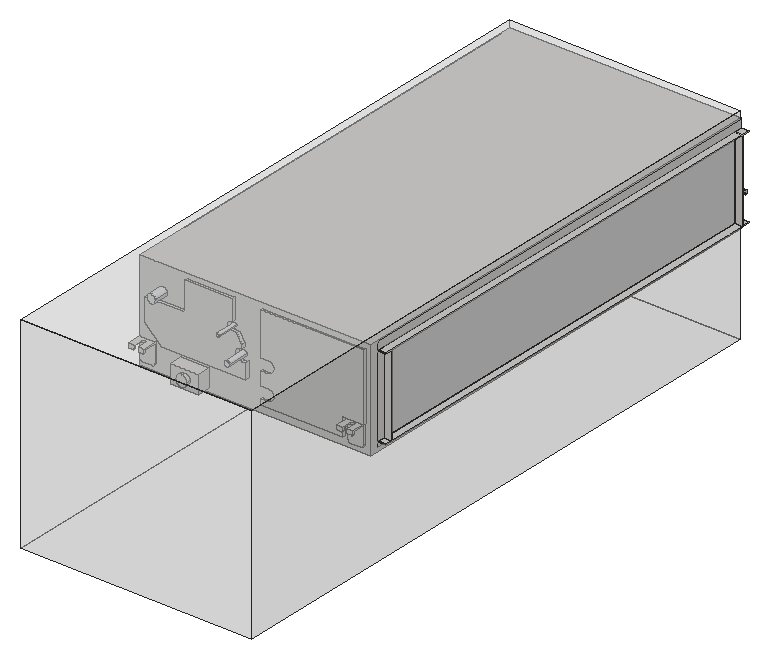
Revit family "outputfile", category 機械設備, Revit 2024
Family settings
  丸型コネクタ寸法 = 半径を使用
  パーツ タイプ = 標準
  OmniClass 番号 = 23.75.10.24.21.27.27
  OmniClass タイトル = Split System Air Conditioning Units
  作業面ベース = いいえ
  常に垂直 = はい
  ロード時にボイドで切り取り = いいえ
  注釈の向きを維持 = いいえ
  共有 = いいえ
  部屋計算ポイント = はい
Parameters (values of type "FXMQ125PAVS")
  Description = ""
  製造元 = "Daikin"
  書き出し IFC クラス(タイプ) = "IfcUnitaryEquipmentType"
  定義済み IFC タイプ(タイプ) = "AIRCONDITIONINGUNIT"
  Cost = 0
  モデル = "FXMQ125PAVS"
  Type Comments = ""
  Keynote = ""
  Type Image = (empty or 0)
  Assembly Code = ""
  r_Liquid Pipe Size = Liquid Pipe Size / 2  # 4.75 mm
  r_Gas Pipe Size = Gas Pipe Size / 2  # 7.95 mm
  r_Drain Pipe Size = Drain Pipe Size / 2  # 12.5 mm
  lw_power = 396.0 mm  # constant formula
  lh_SA = 165.0 mm  # constant formula
  lw_SA = if(Depth = 550.0 mm, 210.0 mm, if(Depth = 700.0 mm, 285.0 mm, if(Depth = 1000.0 mm, 435.0 mm, 635.0 mm)))  # 635.0 mm
  lw_RA = if(Depth = 550.0 mm, 288.0 mm, if(Depth = 700.0 mm, 363.0 mm, if(Depth = 1000.0 mm, 513.0 mm, 713.0 mm)))  # 713.0 mm
  lh_power = 60.0 mm + [h***]  # 60.0 mm
  lh_mountinghole1 = lh_mountinghole + [h***]  # 80.0 mm
  lh_RA = 150.0 mm  # constant formula
  ld_power = Depth / 2  # 700.0 mm
  Voltage_comment_50Hz = "220-240"
  Voltage_50Hz = 220 V
  URL = ""
  Supply Air Direction [instance] = yes
  Sound Power Level_H speed (dB) = 62
  Phase_50Hz = 1
  Minimum External Static Pressure = 50.00 Pa
  Minimum Circuit Amps_50Hz = 3.4 A
  Maximum Fuse Amps_50Hz = 16.0 A
  Maximum External Static Pressure = 200.00 Pa
  Material_Casing = DAIKIN_GalvanizedSteel_Casing_indoorunit
  lw_mountinghole = 631.0 mm  # constant formula
  lh_gaspipe = 144.0 mm + [h***]  # 144.0 mm
  lh_mountinghole = 80.0 mm  # constant formula
  lh_liquidpipe = 212.0 mm + [h***]  # 212.0 mm
  lh_drainpipe = 232.0 mm + [h***]  # 232.0 mm
  lh_antena = Height - lh_mountinghole + 1.0 mm  # 221.0 mm
  ld_drainpipe = Depth / 2 + 54.0 mm  # 754.0 mm
  ld_liquidpipe = 765.0 mm
  ld_gaspipe = 765.0 mm
  ld_mountinghole = Depth + 38.0 mm  # 1438.0 mm
  h*** = 0.0 mm  # constant formula
  lw_liquidpipe = 290.0 mm  # constant formula
  lw_gaspipe = 318.0 mm  # constant formula
  lw_drainpipe = 80.0 mm  # constant formula
  Width = 700.0 mm
  Version = "ver.1.0"
  Unit Type = "Middle-High Static Pressure Duct Type"
  Unit Mass Weight = 45.00 kg
  Unit Designation [instance] = ""
  Uniclass2015Version = "Products v1.30"
  Uniclass2015Title = "Variable refrigerant flow units"
  Uniclass2015Code = "Pr_70_65_03_94"
  Total Heating Capacity [instance] = 0.000 kW
  Total Cooling Capacity [instance] = 0.000 kW
  Sound Pressure Level_M speed (dBA) = 0
  Sound Pressure Level_L speed (dBA) = 40
  Sound Pressure Level_H speed (dBA) = 44
  Series = "VRV Fan Coil Unit"
  Sensible Cooling Capacity [instance] = 0.000 kW
  SA Duct Size Width = if(Depth = 550.0 mm, 310.0 mm, if(Depth = 700.0 mm, 460.0 mm, if(Depth = 1000.0 mm, 760.0 mm, 1160.0 mm)))  # 1160.0 mm
  SA Duct Size Height = 215.0 mm
  Refrigerant Type = "R410A"
  RA Duct Size Width = if(Depth = 550.0 mm, 475.0 mm, if(Depth = 700.0 mm, 625.0 mm, if(Depth = 1000.0 mm, 925.0 mm, 1325.0 mm)))  # 1325.0 mm
  RA Duct Size Height = 247.0 mm
  Power Input (Heating) = 0.449 kW
  Power Input (Cooling) = 0.461 kW
  Option Accessory 3 [instance] = ""
  Option Accessory 2 [instance] = ""
  Option Accessory 1 [instance] = ""
  Nominal Heating Capacity = 16.000 kW
  Nominal Cooling Capacity = 14.000 kW
  Minimum Airflow = 1680.00 m³/h
  Median Airflow = 1980.00 m³/h
  Maximum Airflow = 2340.00 m³/h
  Load Classification = HVAC
  Liquid Pipe Size = 9.5 mm
  Link_Nested Family [instance] = ""
  IfcVersion = "0"
  IfcExportType = "AIRCONDITIONINGUNIT"
  IfcExportAs = "IfcUnitaryEquipmentType"
  Height = 300.0 mm
  Heating Entering Wet Bulb Temperature [instance] = 0.00 °C
  Heating Entering Dry Bulb Temperature [instance] = 0.00 °C
  Heating Ambient Wet Bulb Temperature [instance] = 0.00 °C
  Heating Ambient Dry Bulb Temperature [instance] = 0.00 °C
  Heat Exchanger Type = "Cross Fin Coil"
  Gas Pipe Size = 15.9 mm
  Frequency_50Hz = 50 Hz
  Fan Type = "Sirocco Fan"
  Fan Drive = "Direct Drive"
  FCU Tag No. [instance] = ""
  Drain Pipe Size = 25.0 mm
  Design Supply Airflow [instance] = 0.00 m³/h
  Design Return Airflow [instance] = 0.00 m³/h
  Design External Static Pressure [instance] = 0.00 Pa
  Depth = 1400.0 mm
  既定の高さ = 0.0 mm
  Cooling Entering Wet Bulb Temperature [instance] = 0.00 °C
  Cooling Entering Dry Bulb Temperature [instance] = 0.00 °C
  Cooling Ambient Wet Bulb Temperature [instance] = 0.00 °C
  Cooling Ambient Dry Bulb Temperature [instance] = 0.00 °C
  Clearance visibility [instance] = yes
  Clearance Top = 20.0 mm
  Clearance Right = 0.0 mm
  Clearance Rear = 0.0 mm
  Clearance Left = 0.0 mm
  Clearance Front = 450.0 mm
  Clearance Bottom = 300.0 mm
Reference planes
  plane 1 "Center (Front/Back)": y = 0
  plane 2 "h": z = 0
  plane 3 "Center (Left/Right)": x = 0
  plane 4 "Back": y = 700
  plane 5 "Front": y = -700
  plane 6 "Left": x = -350
  plane 7 "Reight": x = 350
  plane 8 "Top": z = 0
  plane 9 "Bottom": z = -300
  plane 10: y = -215
  plane 11: y = 700
  plane 12: y = -1150
  plane 13: x = -350
  plane 14: x = 350
  plane 15: z = 20
  plane 16: z = -600
  plane 17: x = -350
  plane 18: z = -135
  plane 19: x = -349
  plane 20: x = 349
  plane 21: y = 65
  plane 22: y = 13
  plane 23: z = -150
  plane 24: y = -710.8
  plane 25: z = -14
  plane 26: z = -219
  plane 27: x = -324
  plane 28: x = -60
  plane 29: x = -20
  plane 30: z = -156
  plane 31: x = -32
  plane 32: z = -88
  plane 33: x = 23
  plane 34: x = 335
  plane 35: z = -15.8
  plane 36: z = -274.8
  plane 37: z = -219.8
  plane 38: x = 271
  plane 39: x = -223.3
  plane 40: x = -138.3
  plane 41: z = -232.7
  plane 42: z = -288.5
  plane 43: y = -741
  plane 44: x = -181
  plane 45: z = -260
  plane 46: y = -751
  plane 47: z = -163.8
  plane 48: z = -239.8
  plane 49: x = 46
  plane 50: z = -88
  plane 51: x = -60
  plane 52: y = -765
  plane 53: z = -156
  plane 54: x = -32
  plane 55: y = -754
  plane 56: z = -68
  plane 57: x = -270
  plane 58: x = -270
  plane 59: x = -60
  plane 60: x = -32
  plane 61: x = 46
  plane 62: x = -323
  plane 63: x = 308
  plane 64: y = -719
  plane 65: y = 719
  plane 66: z = -220
  plane 67: y = -706
  plane 68: x = -204
  plane 69: z = -100.2
  plane 70: x = -374
  plane 71: x = 374
Forms (mm)
  Extrusion 1, solid, material "DAIKIN_GalvanizedSteel_Casing_indoorunit" <- "Material_Casing"
    sketch origin (0, 0, 0) x (1, 0, 0) y (0, 1, 0)
      loop
        line (-349, 700) -> (-349, -700) -> (349, -700) -> (349, 700) -> (-349, 700)
    from -300 to 0
  Extrusion 2, solid, material "DAIKIN_GalvanizedSteel_Casing_indoorunit" <- "Material_Casing"
    sketch origin (0, 0, 0) x (1, 0, 0) y (0, 0, 1)
      loop
        line (-324, -100.2) -> (-324, -168) -> (-273, -219) -> (-20, -219) -> (-20, -173.5) -> (-32, -173.5)
        arc (-32, -173.5) -> (-49.5, -156) -> (-32, -138.5) r 17.5
        line (-32, -138.5) -> (-32, -127.5) -> (-47, -101) -> (-60, -101)
        arc (-60, -101) -> (-73, -88) -> (-60, -75) r 13
        line (-60, -75) -> (-60, -14) -> (-204, -14) -> (-204, -100.2) -> (-324, -100.2)
    from 700 to 710.8
  Extrusion 3, solid, material "DAIKIN_GalvanizedSteel_Casing_indoorunit" <- "Material_Casing"
    sketch origin (0, 0, 0) x (1, 0, 0) y (0, 0, 1)
      loop
        line (23, -274.8) -> (271, -274.8) -> (271, -219.8) -> (335, -219.8) -> (335, -15.8) -> (23, -15.8) -> (23, -146.3) -> (46, -146.3)
        arc (46, -146.3) -> (63.5, -163.8) -> (46, -181.3) r 17.5
        line (46, -181.3) -> (23, -181.3) -> (23, -222.3) -> (46, -222.3)
        arc (46, -222.3) -> (63.5, -239.8) -> (46, -257.3) r 17.5
        line (46, -257.3) -> (23, -257.3) -> (23, -274.8)
    from 700 to 706
  Extrusion 4, solid, material "DAIKIN_GalvanizedSteel_Casing_indoorunit" <- "Material_Casing"
    sketch origin (0, 0, 0) x (1, 0, 0) y (0, 0, 1)
      loop
        line (-223.3, -232.7) -> (-223.3, -288.5) -> (-138.3, -288.5) -> (-138.3, -232.7) -> (-223.3, -232.7)
    from 700 to 741
  Extrusion 5, solid, material "DAIKIN_GalvanizedSteel_Casing_indoorunit" <- "Material_Casing"
    sketch origin (0, 0, 0) x (1, 0, 0) y (0, 0, 1)
      loop
        circle (-181, -260) r 16.5
    from 741 to 751
  Extrusion 6, solid
    sketch origin (0, 0, 0) x (1, 0, 0) y (0, 0, 1)
      loop
        circle (-60, -88) r 4.75
    from 700 to 765
  Extrusion 7, solid
    sketch origin (0, 0, 0) x (1, 0, 0) y (0, 0, 1)
      loop
        circle (-32, -156) r 7.95
    from 700 to 765
  Extrusion 8, solid
    sketch origin (0, 0, 0) x (1, 0, 0) y (0, 0, 1)
      loop
        circle (-270, -68) r 12.5
    from 710.8 to 754
Dimensions and locks
  "Height": plane 8 "Top" to plane 9 "Bottom"
  equal spacing: plane 4 "Back", plane 1 "Center (Front/Back)", plane 5 "Front"
  "Depth": plane 4 "Back" to plane 5 "Front"
  equal spacing: plane 6 "Left", plane 3 "Center (Left/Right)", plane 7 "Reight"
  "Width": plane 6 "Left" to plane 7 "Reight"
  "Clearance Left": plane 13 to plane 6 "Left"
  "Clearance Right": plane 7 "Reight" to plane 14
  "Clearance Rear": plane 11 to plane 4 "Back"
  "Clearance Front": plane 5 "Front" to plane 12
  "Clearance Top": plane 15 to plane 8 "Top"
  "Clearance Bottom": plane 9 "Bottom" to plane 16
  "lh_SA": plane 18 to plane 9 "Bottom"
  locked: plane 17 to plane 19 at 1
  locked: plane 20 to plane 14 at 1
  "lw_SA": plane 11 to plane 21
  "lw_RA": plane 22 to plane 5 "Front"
  "lh_RA": plane 23 to plane 9 "Bottom"
  locked: plane 5 "Front" to plane 24 at 10.8
  plane 29 to plane 28 to plane 27 to plane 6 "Left" = 40.0 mm, 264.0 mm, 26.0 mm
  locked: plane 31 to plane 6 "Left" at 318
  plane 34 to plane 33 to plane 6 "Left" = 312.0 mm locked, 373.0 mm locked
  locked: plane 34 to plane 38 at 64
  locked: plane 37 to plane 36 at 55
  plane 40 to plane 39 to plane 6 "Left" = 85.0 mm locked, 126.7 mm locked
  locked: plane 5 "Front" to plane 43 at 41
  locked: plane 44 to plane 6 "Left" at 169
  locked: plane 43 to plane 46 at 10
  plane 47 to plane 48 to plane 36 = 76.0 mm locked, 35.0 mm locked
  locked: plane 49 to plane 33 at 23
  "lw_liquidpipe": plane 51 to plane 6 "Left"
  "lh_liquidpipe": plane 50 to plane 9 "Bottom"
  "lh_gaspipe": plane 53 to plane 9 "Bottom"
  "lw_gaspipe": plane 54 to plane 6 "Left"
  "ld_gaspipe": plane 52 to plane 1 "Center (Front/Back)"
  "ld_drainpipe": plane 55 to plane 1 "Center (Front/Back)"
  "lh_drainpipe": plane 56 to plane 9 "Bottom"
  "lw_drainpipe": plane 57 to plane 6 "Left"
  "lw_drainpipe": plane 6 "Left" to plane 58
  "lw_liquidpipe": plane 6 "Left" to plane 59
  "lw_gaspipe": plane 6 "Left" to plane 60
  "lw_power": plane 6 "Left" to plane 61
  plane 17 to plane 62 = 27.0 mm
  "lw_mountinghole": plane 62 to plane 63
  equal spacing: plane 64, plane 1 "Center (Front/Back)", plane 65
  "ld_mountinghole": plane 65 to plane 64
  "lh_mountinghole": plane 66 to plane 9 "Bottom"
  plane 8 "Top" to plane 41 to plane 42 = 232.7 mm locked, 55.8 mm locked
  locked: plane 8 "Top" to plane 45 at 260
  plane 8 "Top" to plane 25 to plane 26 = 14.0 mm locked, 205.0 mm locked
  plane 8 "Top" to plane 32 to plane 30 = 88.0 mm locked, 68.0 mm locked
  plane 8 "Top" to plane 35 to plane 36 = 15.8 mm locked, 259.0 mm locked
  locked: plane 5 "Front" to plane 67 at 6
  locked: plane 25 to plane 69 at 86.2
  locked: plane 27 to plane 68 at 120
  locked: plane 70 to plane 6 "Left" at 24
  locked: plane 14 to plane 71 at 24
  "r_Liquid Pipe Size": radius of Extrusion 6 sketch curve
  "r_Gas Pipe Size": radius of Extrusion 7 sketch curve
  "r_Drain Pipe Size": radius of Extrusion 8 sketch curve
  aligned and locked: level to plane 2 "h"
  aligned and locked: plane 8 "Top" to Extrusion 1
  aligned and locked: Extrusion 1 to plane 9 "Bottom"
  aligned and locked: nested 5 to plane 12
  aligned and locked: plane 13 to nested 5
  aligned and locked: plane 14 to nested 5
  aligned and locked: nested 5 to plane 13
  aligned and locked: plane 11 to nested 5
  aligned and locked: plane 15 to nested 5
  aligned and locked: plane 16 to nested 5
  aligned and locked: plane 5 "Front" to Extrusion 1 sketch curve
  aligned and locked: Extrusion 1 to plane 19
  aligned and locked: plane 20 to Extrusion 1
  aligned and locked: nested 7 to plane 19
  aligned and locked: nested 7 to plane 21
  aligned and locked: plane 18 to nested 7
  aligned and locked: plane 20 to nested 8
  aligned and locked: plane 22 to nested 8
  aligned and locked: plane 23 to nested 8
  aligned and locked: Extrusion 2 to plane 24
  aligned and locked: plane 5 "Front" to Extrusion 2
  aligned and locked: plane 36 to Extrusion 3 sketch curve
  aligned and locked: plane 38 to Extrusion 3 sketch curve
  aligned and locked: plane 37 to Extrusion 3 sketch curve
  aligned and locked: Extrusion 3 sketch curve to plane 34
  aligned and locked: Extrusion 3 sketch curve to plane 35
  aligned and locked: Extrusion 3 sketch curve to plane 33
  aligned and locked: plane 5 "Front" to Extrusion 3
  aligned and locked: Extrusion 4 sketch curve to plane 41
  aligned and locked: Extrusion 4 sketch curve to plane 39
  aligned and locked: plane 42 to Extrusion 4 sketch curve
  aligned and locked: plane 40 to Extrusion 4 sketch curve
  aligned and locked: Extrusion 4 to plane 43
  aligned and locked: plane 5 "Front" to Extrusion 4
  aligned and locked: Extrusion 5 sketch curve to plane 44
  aligned and locked: plane 45 to Extrusion 5 sketch curve
  aligned and locked: Extrusion 5 to plane 46
  aligned and locked: plane 43 to Extrusion 5
  aligned and locked: Extrusion 6 sketch curve to plane 51
  aligned and locked: plane 50 to Extrusion 6 sketch curve
  aligned and locked: Extrusion 6 to plane 52
  aligned and locked: plane 5 "Front" to Extrusion 6
  aligned and locked: Extrusion 7 sketch curve to plane 54
  aligned and locked: plane 53 to Extrusion 7 sketch curve
  aligned and locked: Extrusion 7 to Extrusion 6
  aligned and locked: plane 5 "Front" to Extrusion 7
  aligned and locked: Extrusion 8 sketch curve to plane 57
  aligned and locked: plane 56 to Extrusion 8 sketch curve
  aligned and locked: Extrusion 8 to plane 55
  aligned and locked: plane 24 to Extrusion 8
  aligned and locked: nested 3 to plane 55
  aligned and locked: nested 3 to plane 58
  aligned and locked: nested 2 to plane 59
  aligned and locked: nested 2 to plane 52
  aligned and locked: nested 1 to plane 60
  aligned and locked: Extrusion 7 to plane 52
  aligned and locked: nested 1 to plane 52
  aligned and locked: nested 6 to plane 5 "Front"
  aligned and locked: nested 6 to plane 61
  aligned and locked: plane 62 to nested 10
  aligned and locked: nested 10 to plane 5 "Front"
  aligned and locked: plane 63 to nested 9
  aligned and locked: nested 9 to plane 5 "Front"
  aligned and locked: nested 11 to plane 62
  aligned and locked: plane 4 "Back" to nested 11
  aligned and locked: nested 12 to plane 63
  aligned and locked: plane 4 "Back" to nested 12
  aligned and locked: plane 66 to nested 10
  aligned and locked: plane 66 to nested 11
  aligned and locked: plane 66 to nested 9
  aligned and locked: plane 66 to nested 12
  aligned and locked: plane 62 to nested 14
  aligned and locked: nested 14 to plane 65
  aligned and locked: plane 63 to nested 13
  aligned and locked: nested 13 to plane 65
  aligned and locked: plane 63 to nested 16
  aligned and locked: plane 64 to nested 16
  aligned and locked: plane 64 to nested 15
  aligned and locked: plane 62 to nested 15
  aligned and locked: Extrusion 3 to plane 67
  aligned and locked: Extrusion 2 sketch curve to plane 68
  aligned and locked: plane 69 to Extrusion 2 sketch curve
  aligned and locked: nested 17 to plane 21
  aligned and locked: nested 17 to plane 70
  aligned and locked: plane 18 to nested 17
  aligned and locked: plane 22 to nested 18
  aligned and locked: plane 71 to nested 18
  aligned and locked: nested 18 to plane 23
  aligned and locked: nested 4 to plane 3 "Center (Left/Right)"
  aligned and locked: plane 1 "Center (Front/Back)" to nested 4
  aligned and locked: level to plane 8 "Top"
Automatic sketch dimensions
  plane 6 "Left" to Extrusion 1 sketch curve = 1.0 mm
  Extrusion 1 sketch curve to plane 7 "Reight" = 1.0 mm
  Extrusion 1 sketch curve to plane 4 "Back" = 0.0 mm
  Extrusion 3 sketch curve to plane 33 = 0.0 mm  (x2)
  Extrusion 3 sketch curve to plane 47 = 0.0 mm
  Extrusion 3 sketch curve to plane 49 = 0.0 mm  (x4)
  Extrusion 3 sketch curve to plane 48 = 0.0 mm
  Extrusion 3 sketch curve to plane 37 = 2.5 mm
  plane 23 to Extrusion 3 sketch curve = 3.7 mm
  plane 27 to Extrusion 2 sketch curve = 0.0 mm
  Extrusion 2 sketch curve to plane 26 = 0.0 mm
  Extrusion 2 sketch curve to plane 28 = 0.0 mm
  Extrusion 2 sketch curve to plane 31 = 0.0 mm
  Extrusion 2 sketch curve to plane 29 = 0.0 mm
  Extrusion 2 sketch curve to plane 30 = 0.0 mm
  Extrusion 2 sketch curve to plane 32 = 0.0 mm
  Extrusion 2 sketch curve to plane 25 = 0.0 mm
  Extrusion 2 sketch curve to Extrusion 2 sketch curve = 13.0 mm
  Extrusion 2 sketch curve to Extrusion 2 sketch curve = 17.5 mm
  plane 18 to Extrusion 2 sketch curve = 7.5 mm
  Extrusion 2 sketch curve to plane 58 = 3.0 mm
  Extrusion 2 sketch curve to plane 30 = 12.0 mm
  Extrusion 2 sketch curve to Extrusion 2 sketch curve = 0.8 mm
  radius of Extrusion 5 sketch curve = 16.5 mm
Nested families
  nested 1: "daikin_connector_rotate2" at (-32, 0, -156), length <- "ld_gaspipe", built-in parameter 1001364 <- "lh_gaspipe", radius <- "r_Gas Pipe Size", type "daikin_connector_rotate2"
    with radius 7.95 mm, length 765.0 mm, angle_vertical 90.00°
  nested 2: "daikin_connector_rotate2" at (-60, 0, -88), length <- "ld_liquidpipe", built-in parameter 1001364 <- "lh_liquidpipe", radius <- "r_Liquid Pipe Size", type "daikin_connector_rotate2"
    with radius 4.75 mm, length 765.0 mm, angle_vertical 90.00°
  nested 3: "daikin_connector_rotate2" at (-270, 0, -68), length <- "ld_drainpipe", built-in parameter 1001364 <- "lh_drainpipe", radius <- "r_Drain Pipe Size", type "daikin_connector_rotate2"
    with radius 12.5 mm, length 754.0 mm, angle_vertical 90.00°
  nested 4: "daikin_△_symbolicline" at (0, 0, 300) x (0, -1, 0) z (0, 0, 1), built-in parameter 1001364 <- "Height", visible <- "Supply Air Direction", type "daikin_△_symbolicline"
    with length 200.0 mm
  nested 5: "daikin_clearancespace" at (0, -225, -289.881), visible <- "Clearance visibility", show <- "Clearance visibility", Link_Nested Family <- "Link_Nested Family", type "daikin_clearancespace"
    with width 700.0 mm, show yes, height 620.0 mm, depth 1850.0 mm, Link_Nested Family ""
  nested 6: "daikin_connector_rotate2" at (46, 0, -240), built-in parameter 1001364 <- "lh_power", length <- "ld_power", type "daikin_connector_rotate2"
    with radius 10.0 mm, length 700.0 mm, angle_vertical 90.00°
  nested 7: "daikin_ductflange_FXMQ-PAVS2" at (-349, 65, -135) x (0, -1, 0) z (0, 0, 1), type "daikin_ductflange_FXMQ-PAVS2"
    with width 1160.0 mm, w 1400.0 mm
  nested 8: "daikin_ductflange_FXMQ-PAVS" at (349, 13, -150) x (0, 1, 0) z (0, 0, 1), type "daikin_ductflange_FXMQ-PAVS"
    with width 1325.0 mm, w 1400.0 mm
  nested 9: "daikin_hangerfixture_FXMQ-PAVS" at (308, -700, -220), type "daikin_hangerfixture_FXMQ-PAVS"
  nested 10: "daikin_hangerfixture_FXMQ-PAVS" at (-323, -700, -220), type "daikin_hangerfixture_FXMQ-PAVS"
  nested 11: "daikin_hangerfixture_FXMQ-PAVS" at (-323, 700, -220) x (-1, 0, 0) z (0, 0, 1), type "daikin_hangerfixture_FXMQ-PAVS"
  nested 12: "daikin_hangerfixture_FXMQ-PAVS" at (308, 700, -220) x (-1, 0, 0) z (0, 0, 1), type "daikin_hangerfixture_FXMQ-PAVS"
  nested 13: "daikin_mountinghole" at (308, 719, -300), h_mountinghole <- "lh_mountinghole1", l_antenna <- "lh_antena", Link_Nested Family <- "Link_Nested Family", type "daikin_mountinghole"
    with show yes, l_antenna 221.0 mm, h_mountinghole 80.0 mm, Link_Nested Family ""
  nested 14: "daikin_mountinghole" at (-323, 719, -300), h_mountinghole <- "lh_mountinghole1", l_antenna <- "lh_antena", Link_Nested Family <- "Link_Nested Family", type "daikin_mountinghole"
    with show yes, l_antenna 221.0 mm, h_mountinghole 80.0 mm, Link_Nested Family ""
  nested 15: "daikin_mountinghole" at (-323, -719, -300), h_mountinghole <- "lh_mountinghole1", l_antenna <- "lh_antena", Link_Nested Family <- "Link_Nested Family", type "daikin_mountinghole"
    with show yes, l_antenna 221.0 mm, h_mountinghole 80.0 mm, Link_Nested Family ""
  nested 16: "daikin_mountinghole" at (308, -719, -300), h_mountinghole <- "lh_mountinghole1", l_antenna <- "lh_antena", Link_Nested Family <- "Link_Nested Family", type "daikin_mountinghole"
    with show yes, l_antenna 221.0 mm, h_mountinghole 80.0 mm, Link_Nested Family ""
  nested 17: "daikin_connector_rotate2" at (-350, 65, -135) x (0, -1, 0) z (0, 0, 1), type "daikin_connector_rotate2"
    with radius 10.0 mm, length 24.0 mm, angle_vertical 90.00°
  nested 18: "daikin_connector_rotate2" at (350, 13, -150) x (0, 1, 0) z (0, 0, 1), type "daikin_connector_rotate2"
    with radius 10.0 mm, length 24.0 mm, angle_vertical 90.00°
Connectors
  piping at (-270, -754, -68), diameter 25, driven by "r_Drain Pipe Size"
    settings: on nested 3, index 3, connector inside diameter 609.6 mm, connector length 0.0 mm, flow factor 0, pipe flow 0.00 m³/h, pressure drop 0.0 Pa, fitting loss kfactor 0, connector angle 0.00°, fixture units 0, engagement length 0.0 mm, angle of deflection 0.00°, flow configuration 1, flow direction 2, fitting loss method 4, system type 16, joint type 0, gender type 0, connector reference index -1, connector utility 0, adjustable connector no, is connector primary yes, connector description "Condensate Drain Piping"
  piping at (-32, -765, -156), diameter 15.9, driven by "r_Gas Pipe Size"
    settings: on nested 1, index 4, connector inside diameter 609.6 mm, connector length 0.0 mm, flow factor 0, pipe flow 0.00 m³/h, pressure drop 0.0 Pa, fitting loss kfactor 0, connector angle 0.00°, fixture units 0, engagement length 0.0 mm, angle of deflection 0.00°, flow configuration 1, flow direction 2, fitting loss method 0, system type 29, joint type 0, gender type 0, connector reference index -1, connector utility 0, adjustable connector no, is connector primary no, connector description "Refrigerant Gas Piping"
  piping at (-60, -765, -88), diameter 9.5, driven by "r_Liquid Pipe Size"
    settings: on nested 2, index 5, connector inside diameter 609.6 mm, connector length 0.0 mm, flow factor 0, pipe flow 0.00 m³/h, pressure drop 0.0 Pa, fitting loss kfactor 0, connector angle 0.00°, fixture units 0, engagement length 0.0 mm, angle of deflection 0.00°, flow configuration 1, flow direction 1, fitting loss method 0, system type 29, joint type 0, gender type 0, connector reference index -1, connector utility 0, adjustable connector no, is connector primary no, connector description "Refrigerant Liquid Piping"
  electrical at (46, -700, -240), driven by "Load Classification"
    settings: on nested 6, index 6, voltage 0 V, apparent load 0 VA, apparent load phase1 0 VA, apparent load phase2 0 VA, apparent load phase3 0 VA, power factor 1, load classification "HVAC", number of poles 1, system type 30, power factor state 1, is connector primary yes, connector utility no, sub classification motor no, connector description "Power Supply"
  hvac at (-374, 65, -135), driven by "SA Duct Size Height", driven by "SA Duct Size Width"
    settings: on nested 17, index 7, duct flow 0.00 m³/h, flow factor 0, pres drop 0.00 Pa, loss coef 0, conn angle 0.00°, conn width 1160.0 mm, conn height 215.0 mm, conn diameter 609.6 mm, duct sys type 1, conn prof type 1, flow config 0, flow direction 2, loss method 4, conn ref index -1, conn util no, is conn primary yes, conn desc "SA Duct"
  hvac at (374, 13, -150), driven by "RA Duct Size Height", driven by "RA Duct Size Width"
    settings: on nested 18, index 8, duct flow 0.00 m³/h, flow factor 0, pres drop 0.00 Pa, loss coef 0, conn angle 0.00°, conn width 1325.0 mm, conn height 247.0 mm, conn diameter 609.6 mm, duct sys type 2, conn prof type 1, flow config 0, flow direction 1, loss method 4, conn ref index -1, conn util no, is conn primary no, conn desc "RA Duct"
Definition of nested family "daikin_clearancespace"
  Parameters (values of type "daikin_clearancespace")
    width [instance] = 1823.963 mm
    show [instance] = yes
    material = none
    height [instance] = 1359.762 mm
    depth [instance] = 880.0 mm
    Default Elevation = 0.0 mm
    Link_Nested Family [instance] = ""
  Reference planes
    plane 1 "Center (Front/Back)": y = 0
    plane 2 "Center (Elevation)": z = -0.119
    plane 3 "Center (Left/Right)": x = 0
    plane 4: y = 440
    plane 5: y = -440
    plane 6 "Right": x = 911.982
    plane 7 "Left": x = -911.982
    plane 8 "Top": z = 679.762
    plane 9 "Bottom": z = -680
  Forms (mm)
    Extrusion 1, solid, material <- "material", visible <- "show"
      sketch origin (0, 0, 0) x (1, 0, 0) y (0, 1, 0)
        loop
          line (-911.982, 440) -> (-911.982, -440) -> (911.982, -440) -> (911.982, 440) -> (-911.982, 440)
      from -680 to 679.762
  Lines and regions (mm)
    symbolic lines, visible <- "show"
      curve 1: line (911.982, 440, 0) -> (-911.982, 440, 0)
      curve 2: line (-911.982, 440, 0) -> (-911.982, -440, 0)
      curve 3: line (-911.982, -440, 0) -> (911.982, -440, 0)
      curve 4: line (911.982, -440, 0) -> (911.982, 440, 0)
      curve 5: line (911.982, 0, 679.762) -> (-911.982, 0, 679.762)
      curve 6: line (911.982, 0, -680) -> (911.982, 0, 679.762)
      curve 7: line (-911.982, 0, -680) -> (911.982, 0, -680)
      curve 8: line (-911.982, 0, 679.762) -> (-911.982, 0, -680)
      curve 9: line (0, 440, 679.762) -> (0, -440, 679.762)
      curve 10: line (0, -440, 679.762) -> (0, -440, -680)
      curve 11: line (0, 440, -680) -> (0, 440, 679.762)
      curve 12: line (0, -440, -680) -> (0, 440, -680)
  Dimensions and locks
    "width": plane 7 "Left" to plane 6 "Right"
    "depth": plane 4 to plane 5
    "height": plane 8 "Top" to plane 9 "Bottom"
    equal spacing: plane 7 "Left", plane 3 "Center (Left/Right)", plane 6 "Right"
    equal spacing: plane 4, plane 1 "Center (Front/Back)", plane 5
    equal spacing: plane 8 "Top", plane 2 "Center (Elevation)", plane 9 "Bottom"
    aligned and locked: level to plane 2 "Center (Elevation)"
    aligned and locked: Extrusion 1 sketch curve to plane 4
    aligned and locked: plane 7 "Left" to Extrusion 1 sketch curve
    aligned and locked: Extrusion 1 sketch curve to plane 5
    aligned and locked: Extrusion 1 sketch curve to plane 6 "Right"
    aligned and locked: plane 8 "Top" to Extrusion 1
    aligned and locked: curve 1 to Extrusion 1
    aligned and locked: curve 2 to Extrusion 1
    aligned and locked: curve 3 to Extrusion 1
    aligned and locked: curve 4 to Extrusion 1
    aligned and locked: curve 5 to Extrusion 1
    aligned and locked: curve 6 to Extrusion 1
    aligned and locked: curve 7 to Extrusion 1
    aligned and locked: curve 8 to Extrusion 1
    aligned and locked: curve 9 to Extrusion 1
    aligned and locked: curve 10 to Extrusion 1
    aligned and locked: curve 11 to Extrusion 1
    aligned and locked: curve 12 to Extrusion 1
    aligned and locked: Extrusion 1 to plane 9 "Bottom"
Definition of nested family "daikin_ductflange_FXMQ-PAVS2"
  Parameters (values of type "daikin_ductflange_FXDSQ-AVM2")
    width = if(w = 550.0 mm, 310.0 mm, if(w = 700.0 mm, 460.0 mm, if(w = 1000.0 mm, 760.0 mm, 1160.0 mm)))  # 310.0 mm
    material = none
    height = 215.0 mm
    depth = 1.0 mm
    w = 550.0 mm
    Default Elevation = 0.0 mm
  Reference planes
    plane 1 "Center (Front/Back)": y = 0
    plane 2: z = 0
    plane 3 "Center (Left/Right)": x = 0
    plane 4: z = 107.5
    plane 5: z = -107.5
    plane 6: y = -25
    plane 7: z = 132.5
    plane 8: z = 108.5
    plane 9: y = -1
    plane 10: x = -177.5
    plane 11: x = 177.5
    plane 12: z = -132.5
    plane 13: z = -108.5
    plane 14: y = -1
    plane 15: x = 155
    plane 16: x = -155
    plane 17: x = 156
    plane 18: z = 106.5
    plane 19: z = -106.5
    plane 20: x = -156
    plane 21: z = 106.5
    plane 22: z = -106.5
    plane 23: y = -1
  Forms (mm)
    Extrusion 1, solid, material <- "material"
      sketch origin (0, 0, 0) x (0, 1, 0) y (0, 0, 1)
        loop
          line (-25, 107.5) -> (0, 107.5) -> (0, 132.5) -> (-1, 132.5) -> (-1, 108.5) -> (-25, 108.5) -> (-25, 107.5)
      from -177.5 to 177.5
    Extrusion 2, solid, material <- "material"
      sketch origin (0, 0, 0) x (0, 1, 0) y (0, 0, 1)
        loop
          line (-25, -107.5) -> (-25, -108.5) -> (-1, -108.5) -> (-1, -132.5) -> (0, -132.5) -> (0, -107.5) -> (-25, -107.5)
      from -177.5 to 177.5
    Extrusion 3, solid, material <- "material"
      sketch origin (0, 0, 0) x (1, 0, 0) y (0, 0, 1)
        loop
          line (155, 107.5) -> (155, -107.5) -> (177.5, -107.5) -> (177.5, -106.5) -> (156, -106.5) -> (156, 106.5) -> (177.5, 106.5) -> (177.5, 107.5) -> (155, 107.5)
      from 0 to 25
    Extrusion 4, solid, material <- "material"
      sketch origin (0, 0, 0) x (1, 0, 0) y (0, 0, 1)
        loop
          line (-177.5, 107.5) -> (-177.5, 106.5) -> (-156, 106.5) -> (-156, -106.5) -> (-177.5, -106.5) -> (-177.5, -107.5) -> (-155, -107.5) -> (-155, 107.5) -> (-177.5, 107.5)
      from 0 to 25
    Extrusion 5, solid, material <- "material"
      sketch origin (0, 0, 0) x (1, 0, 0) y (0, 0, 1)
        loop
          line (-177.5, 107.5) -> (-177.5, -107.5) -> (-155, -107.5) -> (-155, 107.5) -> (-177.5, 107.5)
        loop
          line (177.5, 107.5) -> (155, 107.5) -> (155, -107.5) -> (177.5, -107.5) -> (177.5, 107.5)
      from 0 to 1
  Cuts and joins
    joined: Extrusion 1, Extrusion 2, Extrusion 3, Extrusion 4, Extrusion 5
  Dimensions and locks
    plane 4 to level to plane 5 = 107.5 mm locked, 107.5 mm locked
    locked: plane 6 to plane 1 "Center (Front/Back)" at 25
    locked: plane 9 to plane 1 "Center (Front/Back)" at 1
    locked: plane 8 to plane 4 at 1
    locked: plane 11 to plane 15 at 22.5
    locked: plane 16 to plane 10 at 22.5
    locked: plane 17 to plane 15 at 1
    locked: plane 4 to plane 18 at 1
    locked: plane 19 to plane 5 at 1
    "width": plane 15 to plane 16
    plane 4 to plane 5 = 215.0 mm
    equal spacing: plane 15, plane 3 "Center (Left/Right)", plane 16
    locked: plane 16 to plane 20 at 1
    locked: plane 4 to plane 21 at 1
    locked: plane 22 to plane 5 at 1
    locked: plane 23 to plane 1 "Center (Front/Back)" at 1
    aligned and locked: level to plane 2
    aligned and locked: Extrusion 1 to plane 10
    aligned and locked: plane 11 to Extrusion 1
    aligned and locked: plane 5 to Extrusion 2
    aligned and locked: Extrusion 2 to plane 1 "Center (Front/Back)"
    aligned and locked: plane 15 to Extrusion 3 sketch curve
    aligned and locked: Extrusion 3 sketch curve to Extrusion 2  (x2)
    aligned and locked: Extrusion 3 sketch curve to plane 11
    aligned and locked: plane 6 to Extrusion 3
    aligned and locked: Extrusion 2 to plane 10
    aligned and locked: plane 11 to Extrusion 2
    aligned and locked: Extrusion 4 sketch curve to Extrusion 1  (x2)
    aligned and locked: plane 5 to Extrusion 4 sketch curve
    aligned and locked: Extrusion 4 sketch curve to plane 16
    aligned and locked: Extrusion 4 sketch curve to plane 22
    aligned and locked: plane 20 to Extrusion 4 sketch curve
    aligned and locked: plane 21 to Extrusion 4 sketch curve
    aligned and locked: Extrusion 4 to plane 1 "Center (Front/Back)"
    aligned and locked: plane 6 to Extrusion 4
    aligned and locked: Extrusion 5 sketch curve to Extrusion 1  (x4)
    aligned and locked: Extrusion 5 sketch curve to Extrusion 4  (x2)
    aligned and locked: Extrusion 5 sketch curve to Extrusion 3  (x2)
    aligned and locked: Extrusion 5 to plane 1 "Center (Front/Back)"
    aligned and locked: plane 23 to Extrusion 5
  Automatic sketch dimensions
    Extrusion 1 sketch curve to plane 6 = 0.0 mm
    Extrusion 1 sketch curve to plane 7 = 0.0 mm
    Extrusion 1 sketch curve to plane 9 = 0.0 mm
    Extrusion 1 sketch curve to plane 1 "Center (Front/Back)" = 0.0 mm
    Extrusion 1 sketch curve to plane 4 = 0.0 mm
    Extrusion 1 sketch curve to plane 8 = 0.0 mm
    Extrusion 2 sketch curve to plane 6 = 0.0 mm
    plane 12 to Extrusion 2 sketch curve = 0.0 mm
    Extrusion 2 sketch curve to plane 14 = 0.0 mm
    Extrusion 2 sketch curve to plane 1 "Center (Front/Back)" = 0.0 mm
    plane 13 to Extrusion 2 sketch curve = 0.0 mm
    Extrusion 2 sketch curve to plane 5 = 0.0 mm
    Extrusion 3 sketch curve to plane 17 = 0.0 mm
    Extrusion 3 sketch curve to plane 19 = 0.0 mm
    Extrusion 3 sketch curve to plane 18 = 0.0 mm
    Extrusion 3 sketch curve to plane 4 = 0.0 mm
    Extrusion 4 sketch curve to plane 10 = 0.0 mm
Definition of nested family "daikin_ductflange_FXMQ-PAVS"
  Parameters (values of type "daikin_ductflange_FXDSQ-AVM")
    width = if(w = 550.0 mm, 475.0 mm, if(w = 700.0 mm, 625.0 mm, if(w = 1000.0 mm, 925.0 mm, 1325.0 mm)))  # 475.0 mm
    material = none
    height = 247.0 mm
    depth = 1.0 mm
    w = 550.0 mm
    Default Elevation = 0.0 mm
  Reference planes
    plane 1 "Center (Front/Back)": y = 0
    plane 2: z = 0
    plane 3 "Center (Left/Right)": x = 0
    plane 4: z = 123.5
    plane 5: z = -123.5
    plane 6: y = -25
    plane 7: z = 146.5
    plane 8: z = 124.5
    plane 9: y = -1
    plane 10: x = -260
    plane 11: x = 260
    plane 12: z = -137
    plane 13: z = -124.5
    plane 14: y = -1
    plane 15: x = 237.5
    plane 16: x = -237.5
    plane 17: x = 238.5
    plane 18: z = 122.5
    plane 19: z = -122.5
    plane 20: x = -238.5
    plane 21: z = 122.5
    plane 22: z = -122.5
    plane 23: y = -1
  Forms (mm)
    Extrusion 1, solid, material <- "material"
      sketch origin (0, 0, 0) x (0, 1, 0) y (0, 0, 1)
        loop
          line (-25, 123.5) -> (0, 123.5) -> (0, 146.5) -> (-1, 146.5) -> (-1, 124.5) -> (-25, 124.5) -> (-25, 123.5)
      from -260 to 260
    Extrusion 2, solid, material <- "material"
      sketch origin (0, 0, 0) x (0, 1, 0) y (0, 0, 1)
        loop
          line (-25, -123.5) -> (-25, -124.5) -> (-1, -124.5) -> (-1, -137) -> (0, -137) -> (0, -123.5) -> (-25, -123.5)
      from -260 to 260
    Extrusion 3, solid, material <- "material"
      sketch origin (0, 0, 0) x (1, 0, 0) y (0, 0, 1)
        loop
          line (237.5, 123.5) -> (237.5, -123.5) -> (260, -123.5) -> (260, -122.5) -> (238.5, -122.5) -> (238.5, 122.5) -> (260, 122.5) -> (260, 123.5) -> (237.5, 123.5)
      from 0 to 25
    Extrusion 4, solid, material <- "material"
      sketch origin (0, 0, 0) x (1, 0, 0) y (0, 0, 1)
        loop
          line (-260, 123.5) -> (-260, 122.5) -> (-238.5, 122.5) -> (-238.5, -122.5) -> (-260, -122.5) -> (-260, -123.5) -> (-237.5, -123.5) -> (-237.5, 123.5) -> (-260, 123.5)
      from 0 to 25
    Extrusion 5, solid, material <- "material"
      sketch origin (0, 0, 0) x (1, 0, 0) y (0, 0, 1)
        loop
          line (-260, 123.5) -> (-260, -123.5) -> (-237.5, -123.5) -> (-237.5, 123.5) -> (-260, 123.5)
        loop
          line (260, 123.5) -> (237.5, 123.5) -> (237.5, -123.5) -> (260, -123.5) -> (260, 123.5)
      from 0 to 1
  Cuts and joins
    joined: Extrusion 1, Extrusion 2, Extrusion 3, Extrusion 4, Extrusion 5
  Dimensions and locks
    plane 4 to level to plane 5 = 123.5 mm, 123.5 mm
    locked: plane 6 to plane 1 "Center (Front/Back)" at 25
    locked: plane 9 to plane 1 "Center (Front/Back)" at 1
    locked: plane 8 to plane 4 at 1
    locked: plane 11 to plane 15 at 22.5
    locked: plane 16 to plane 10 at 22.5
    locked: plane 17 to plane 15 at 1
    locked: plane 4 to plane 18 at 1
    locked: plane 19 to plane 5 at 1
    "width": plane 15 to plane 16
    equal spacing: plane 15, plane 3 "Center (Left/Right)", plane 16
    locked: plane 16 to plane 20 at 1
    locked: plane 4 to plane 21 at 1
    locked: plane 22 to plane 5 at 1
    locked: plane 23 to plane 1 "Center (Front/Back)" at 1
    equal spacing: plane 4, level, plane 5
    locked: plane 7 to plane 4 at 23
    locked: plane 5 to plane 12 at 13.5
    locked: plane 1 "Center (Front/Back)" to plane 14 at 1
    locked: plane 5 to plane 13 at 1
    locked: plane 4 to plane 5 at 247
    aligned and locked: level to plane 2
    aligned and locked: Extrusion 1 to plane 10
    aligned and locked: plane 11 to Extrusion 1
    aligned and locked: plane 5 to Extrusion 2
    aligned and locked: Extrusion 2 to plane 1 "Center (Front/Back)"
    aligned and locked: plane 15 to Extrusion 3 sketch curve
    aligned and locked: Extrusion 3 sketch curve to Extrusion 2  (x2)
    aligned and locked: Extrusion 3 sketch curve to plane 11
    aligned and locked: plane 6 to Extrusion 3
    aligned and locked: Extrusion 2 to plane 10
    aligned and locked: plane 11 to Extrusion 2
    aligned and locked: Extrusion 4 sketch curve to Extrusion 1  (x2)
    aligned and locked: plane 5 to Extrusion 4 sketch curve
    aligned and locked: Extrusion 4 sketch curve to plane 16
    aligned and locked: Extrusion 4 sketch curve to plane 22
    aligned and locked: plane 20 to Extrusion 4 sketch curve
    aligned and locked: plane 21 to Extrusion 4 sketch curve
    aligned and locked: Extrusion 4 to plane 1 "Center (Front/Back)"
    aligned and locked: plane 6 to Extrusion 4
    aligned and locked: Extrusion 5 sketch curve to Extrusion 1  (x4)
    aligned and locked: Extrusion 5 sketch curve to Extrusion 4  (x2)
    aligned and locked: Extrusion 5 sketch curve to Extrusion 3  (x2)
    aligned and locked: Extrusion 5 to plane 1 "Center (Front/Back)"
    aligned and locked: plane 23 to Extrusion 5
  Automatic sketch dimensions
    Extrusion 1 sketch curve to plane 6 = 0.0 mm
    Extrusion 1 sketch curve to plane 7 = 0.0 mm
    Extrusion 1 sketch curve to plane 9 = 0.0 mm
    Extrusion 1 sketch curve to plane 1 "Center (Front/Back)" = 0.0 mm
    Extrusion 1 sketch curve to plane 4 = 0.0 mm
    Extrusion 1 sketch curve to plane 8 = 0.0 mm
    Extrusion 2 sketch curve to plane 6 = 0.0 mm
    plane 12 to Extrusion 2 sketch curve = 0.0 mm
    Extrusion 2 sketch curve to plane 14 = 0.0 mm
    Extrusion 2 sketch curve to plane 1 "Center (Front/Back)" = 0.0 mm
    plane 13 to Extrusion 2 sketch curve = 0.0 mm
    Extrusion 2 sketch curve to plane 5 = 0.0 mm
    Extrusion 3 sketch curve to plane 17 = 0.0 mm
    Extrusion 3 sketch curve to plane 19 = 0.0 mm
    Extrusion 3 sketch curve to plane 18 = 0.0 mm
    Extrusion 3 sketch curve to plane 4 = 0.0 mm
    Extrusion 4 sketch curve to plane 10 = 0.0 mm
Definition of nested family "daikin_hangerfixture_FXMQ-PAVS"
  Parameters (values of type "daikin_hangerfixture_FXMQ-PAVE")
    width = 48.0 mm
    material = none
    height = 65.0 mm
    depth = 45.0 mm
    Default Elevation = 0.0 mm
  Reference planes
    plane 1 "Center (Front/Back)": y = 0
    plane 2: z = 0
    plane 3 "Center (Left/Right)": x = 0
    plane 4: y = 417.146
    plane 5: y = -45
    plane 6: x = -24
    plane 7: x = 24
    plane 8: z = -2.3
    plane 9: z = -65
    plane 10: y = -2.3
    plane 11: z = -12
    plane 12: y = -42.7
  Forms (mm)
    Extrusion 1, solid, material <- "material"
      sketch origin (0, 0, 0) x (1, 0, 0) y (0, 1, 0)
        loop
          line (24, 0) -> (-24, 0) -> (-24, -45) -> (-6, -45) -> (-6, -19)
          arc (-6, -19) -> (0, -13) -> (6, -19) r 6
          line (6, -19) -> (6, -45) -> (24, -45) -> (24, 0)
      from 0 to -2.3
    Extrusion 2, solid, material <- "material"
      sketch origin (0, 0, 0) x (1, 0, 0) y (0, 0, 1)
        loop
          line (24, -55) -> (24, 0) -> (-24, 0) -> (-24, -55)
          arc (-24, -55) -> (-21.071, -62.071) -> (-14, -65) r 10
          line (-14, -65) -> (14, -65)
          arc (14, -65) -> (21.071, -62.071) -> (24, -55) r 10
      from 0 to 2.3
    Extrusion 3, solid, material <- "material"
      sketch origin (0, 0, 0) x (1, 0, 0) y (0, 0, 1)
        loop
          line (-6, -9) -> (-6, 0) -> (-24, 0) -> (-24, -9)
          arc (-24, -9) -> (-23.121, -11.121) -> (-21, -12) r 3
          line (-21, -12) -> (-9, -12)
          arc (-9, -12) -> (-6.879, -11.121) -> (-6, -9) r 3
        loop
          line (6, 0) -> (6, -9)
          arc (6, -9) -> (6.879, -11.121) -> (9, -12) r 3
          line (9, -12) -> (21, -12)
          arc (21, -12) -> (23.121, -11.121) -> (24, -9) r 3
          line (24, -9) -> (24, 0) -> (6, 0)
      from 42.7 to 45
  Cuts and joins
    joined: Extrusion 1, Extrusion 2, Extrusion 3
  Dimensions and locks
    "width": plane 6 to plane 7
    "depth": plane 5 to plane 1 "Center (Front/Back)"
    plane 2 to plane 8 = 2.3 mm
    "height": plane 2 to plane 9
    locked: plane 10 to plane 1 "Center (Front/Back)" at 2.3
    locked: plane 2 to plane 11 at 12
    locked: plane 12 to plane 5 at 2.3
    aligned and locked: level to plane 2
    aligned and locked: Extrusion 1 sketch curve to plane 1 "Center (Front/Back)"
    aligned and locked: plane 7 to Extrusion 1
    aligned and locked: Extrusion 1 to plane 6
    aligned and locked: Extrusion 1 to plane 5  (x2)
    aligned and locked: Extrusion 1 to plane 8
    aligned and locked: plane 2 to Extrusion 1
    aligned and locked: plane 2 to Extrusion 2 sketch curve
    aligned and locked: Extrusion 2 to plane 9
    aligned and locked: Extrusion 2 to plane 10
    aligned and locked: Extrusion 2 to plane 1 "Center (Front/Back)"
    aligned and locked: plane 2 to Extrusion 3 sketch curve  (x2)
    aligned and locked: Extrusion 3 to plane 11  (x2)
    aligned and locked: plane 12 to Extrusion 3
    aligned and locked: Extrusion 3 to plane 5
  Automatic sketch dimensions
    Extrusion 1 sketch curve to plane 6 = 0.0 mm
    Extrusion 1 sketch curve to plane 5 = 0.0 mm  (x2)
    Extrusion 1 sketch curve to plane 3 "Center (Left/Right)" = 0.0 mm
    Extrusion 1 sketch curve to plane 7 = 0.0 mm
    Extrusion 1 sketch curve to plane 3 "Center (Left/Right)" = 6.0 mm
    plane 1 "Center (Front/Back)" to Extrusion 1 sketch curve = 19.0 mm
    Extrusion 2 sketch curve to plane 7 = 0.0 mm
    Extrusion 2 sketch curve to plane 7 = 10.0 mm
    Extrusion 2 sketch curve to plane 8 = 52.7 mm
    plane 6 to Extrusion 2 sketch curve = 10.0 mm
    Extrusion 2 sketch curve to plane 6 = 0.0 mm
    Extrusion 3 sketch curve to plane 6 = 0.0 mm
    Extrusion 3 sketch curve to plane 7 = 0.0 mm
    Extrusion 3 sketch curve to Extrusion 3 sketch curve = 3.0 mm  (x2)
    Extrusion 3 sketch curve to plane 8 = 6.7 mm
    Extrusion 3 sketch curve to plane 3 "Center (Left/Right)" = 9.0 mm
    Extrusion 3 sketch curve to plane 3 "Center (Left/Right)" = 6.0 mm
    plane 3 "Center (Left/Right)" to Extrusion 3 sketch curve = 6.0 mm
    Extrusion 3 sketch curve to plane 7 = 3.0 mm
    Extrusion 3 sketch curve to plane 8 = 9.7 mm
Definition of nested family "daikin_connector_rotate2"
  Parameters (values of type "daikin_connector_rotate2")
    Default Elevation = 1219.2 mm
    show_face = no
    radius [instance] = 10.0 mm
    length [instance] = 600.0 mm
    d_surface = 10.0 mm
    angle_vertical [instance] = 90.00°
  Reference planes
    plane 1 "Center (Front/Back)": y = 0
    plane 2: z = 0
    plane 3 "Center (Left/Right)": x = 0
  Forms (mm)
    Extrusion 1, solid, visible <- "show_face"
      sketch origin (0, -600, 0) x (1, 0, 0) y (0, 0, 1)
        loop
          circle (0, 0) r 10
      from 0 to -10
  Lines and regions (mm)
    reference lines
      curve 1: line (0, 0, 0) -> (0, -600, 0)
    symbolic lines
      curve 2: circle (0, 0, 0) r 5 normal (0, 0, 1)
    model lines, visible <- "show_face"
      curve 3: line (0, 0, 0) -> (0, -600, 0)
  Dimensions and locks
    "length": curve 1 to curve 1
    "length": curve 3 to curve 3
    "d_surface": Extrusion 1 to Extrusion 1
    "radius": radius of Extrusion 1 sketch curve
    "angle_vertical": angle curve 1 to plane 1 "Center (Front/Back)"
    "angle_vertical": angle curve 3 to plane 1 "Center (Front/Back)"
    aligned and locked: level to plane 2
    aligned and locked: plane 1 "Center (Front/Back)" to curve 1
    aligned and locked: plane 2 to curve 1
    aligned and locked: plane 1 "Center (Front/Back)" to curve 2
    aligned and locked: plane 3 "Center (Left/Right)" to curve 2
    aligned and locked: plane 1 "Center (Front/Back)" to curve 3
    aligned and locked: plane 2 to curve 3
    aligned and locked: Extrusion 1 to Extrusion 1
  Automatic sketch dimensions
    Extrusion 1 sketch curve to level = 0.0 mm
    Extrusion 1 sketch curve to plane 3 "Center (Left/Right)" = 0.0 mm
    radius of curve 2 = 5.0 mm
Definition of nested family "daikin_△_symbolicline"
  Parameters (values of type "daikin_△_symbolicline")
    length [instance] = 200.0 mm
    Default Elevation = 0.0 mm
  Reference planes
    plane 1 "Center (Front/Back)": y = 0
    plane 2: z = 0
    plane 3 "Center (Left/Right)": x = 0
  Lines and regions (mm)
    symbolic lines
      curve 1: line (0, -173.205, 0) -> (100, 0, 0)
      curve 2: line (100, 0, 0) -> (-100, 0, 0)
      curve 3: line (-100, 0, 0) -> (0, -173.205, 0)
  Dimensions and locks
    equal spacing: curve 3, plane 3 "Center (Left/Right)", curve 2
    "length": curve 3 to curve 2
    "length": curve 3 to curve 3
    "length": curve 1 to curve 1
    aligned and locked: level to plane 2
    aligned and locked: curve 2 to plane 1 "Center (Front/Back)"
    aligned and locked: plane 3 "Center (Left/Right)" to curve 3
Definition of nested family "daikin_mountinghole"
  Parameters (values of type "daikin_mountinghole")
    Default Elevation = 1219.2 mm
    Type Comments = "mountinghole"
    show [instance] = yes
    material = none
    l_centerline = 100.0 mm
    l_antenna [instance] = 100.0 mm
    h_mountinghole [instance] = 0.0 mm
    d_circle = 30.0 mm
    Link_Nested Family [instance] = ""
  Reference planes
    plane 1 "Center (Front/Back)": y = 0
    plane 2: z = 0
    plane 3 "Center (Left/Right)": x = 0
    plane 4: y = 50
    plane 5: x = -50
    plane 6: x = 50
    plane 7: y = -50
    plane 8 "h_mountinghole": z = 0
    plane 9: z = 100
  Lines and regions (mm)
    model lines, detail levels fine
      curve 1: circle (0, 0, 0) r 15 normal (0, 0, 1)
      curve 2: line (-50, 0, 0) -> (50, 0, 0)
      curve 3: line (0, 50, 0) -> (0, -50, 0)
    symbolic lines, detail levels fine
      curve 4: circle (0, 0, 0) r 15 normal (0, 0, 1)
      curve 5: line (-50, 0, 0) -> (50, 0, 0)
      curve 6: line (0, 50, 0) -> (0, -50, 0)
    model lines
      curve 7: line (0, 0, 100) -> (0, 0, 0)
  Dimensions and locks
    equal spacing: plane 4, plane 1 "Center (Front/Back)", plane 7
    "l_centerline": plane 4 to plane 7
    equal spacing: plane 5, plane 3 "Center (Left/Right)", plane 6
    "l_centerline": plane 5 to plane 6
    "l_antenna": plane 9 to plane 8 "h_mountinghole"
    "h_mountinghole": plane 8 "h_mountinghole" to plane 2
    "d_circle": diameter of curve 1
    "d_circle": diameter of curve 4
    aligned and locked: level to plane 2
    aligned and locked: plane 1 "Center (Front/Back)" to curve 1
    aligned and locked: plane 3 "Center (Left/Right)" to curve 1
    aligned and locked: plane 1 "Center (Front/Back)" to curve 2
    aligned and locked: curve 3 to plane 3 "Center (Left/Right)"
    aligned and locked: plane 6 to curve 2
    aligned and locked: plane 5 to curve 2
    aligned and locked: plane 4 to curve 3
    aligned and locked: plane 7 to curve 3
    aligned and locked: plane 1 "Center (Front/Back)" to curve 4
    aligned and locked: plane 3 "Center (Left/Right)" to curve 4
    aligned and locked: plane 6 to curve 5
    aligned and locked: plane 5 to curve 5
    aligned and locked: plane 1 "Center (Front/Back)" to curve 5
    aligned and locked: plane 4 to curve 6
    aligned and locked: plane 7 to curve 6
    aligned and locked: curve 6 to plane 3 "Center (Left/Right)"
    aligned and locked: curve 7 to plane 3 "Center (Left/Right)"
    aligned and locked: plane 9 to curve 7
    aligned and locked: plane 8 "h_mountinghole" to curve 7
